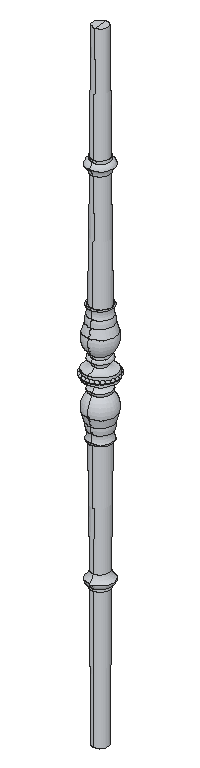
Revit family "334L", category Balusters, Revit 2023
Family settings
  OmniClass Number = 23.30.80.11.11.14
  OmniClass Title = Posts, Newel Posts, Pickets
  Always vertical = Yes
  Cut with Voids When Loaded = No
  Shared = No
Parameters
  URL = "https://www.juliusblum.com/"
  built-in parameter 1008623 [instance] = 32.47°
  built-in parameter 1008625 [instance] = (empty or 0)
  Post = no
  Model = "334L"
  Manufacturer = "Julius Blum & Co Inc."
  Description = "Julius Blum & Co Inc. supplies stock material only and does not offer custom design, fabricating or installation services."
  built-in parameter 1008624 [instance] = 32.47°
  built-in parameter 1008622 [instance] = 3' - 6"
Reference planes (in)
  plane 1 "Center (Front/Back)": y = 0
  plane 2: z = 0
  plane 3 "Center (Left/Right)": x = 0
  plane 4 "Top": z = 42
  plane 5 "Top Cut Angle": through (0, 13.58797, 33.35351) normal (0, -0.5369, -0.8437)
  plane 6 "Bottom Cut Angle": through (0, 0, 0) normal (0, -0.5369, -0.8437)
  plane 7 "Void 1": z = 21.67551
Forms (in)
  Revolve 1, solid
    sketch origin (0, 0, 0) x (0, 1, 0) y (0, 0, 1)
      loop
        line (0.4732, 42) -> (0, 42) -> (0, 0) -> (0.49333, 0) -> (0.543, 9.20299) -> (0.6, 9.20299) -> (0.6, 9.36349)
        arc (0.6, 9.36349) -> (0.77042, 9.48416) -> (0.85506, 9.67506) r 0.39334
        arc (0.85506, 9.67506) -> (0.65131, 9.90016) -> (0.55203, 10.18708) r 0.75947
        line (0.55203, 10.18708) -> (0.62246, 17.86396)
        arc (0.62246, 17.86396) -> (0.67718, 17.83269) -> (0.7385, 17.81811) r 0.22136
        arc (0.7385, 17.81811) -> (0.76718, 17.81628) -> (0.77347, 17.84432) r 0.02212
        arc (0.77347, 17.84432) -> (0.69372, 18.1194) -> (0.72976, 18.40352) r 0.70627
        arc (0.72976, 18.40352) -> (0.78427, 18.6345) -> (0.7925, 18.87167) r 1.20586
        arc (0.7925, 18.87167) -> (0.8955, 19.14481) -> (0.97454, 19.42582) r 3.38021
        arc (0.97454, 19.42582) -> (0.96113, 20.08025) -> (0.57579, 20.60937) r 1.09173
        arc (0.57579, 20.60937) -> (0.68236, 20.67385) -> (0.72102, 20.79225) r 0.1789
        arc (0.72102, 20.79225) -> (0.53524, 20.9151) -> (0.45875, 21.12428) r 0.35619
        arc (0.45875, 21.12428) -> (0.71508, 21.34881) -> (1.05133, 21.4041) r 0.62044
        line (1.05133, 21.4041) -> (1.05133, 21.93665)
        arc (1.05133, 21.93665) -> (0.71508, 21.99194) -> (0.45875, 22.21647) r 0.62044
        arc (0.45875, 22.21647) -> (0.53524, 22.42565) -> (0.72102, 22.5485) r 0.35619
        arc (0.72102, 22.5485) -> (0.68094, 22.66867) -> (0.57133, 22.73217) r 0.1789
        line (0.57133, 22.73217) -> (0.57133, 22.91695)
        arc (0.57133, 22.91695) -> (0.96024, 23.44674) -> (0.97454, 24.10379) r 1.09173
        arc (0.97454, 24.10379) -> (0.8955, 24.3848) -> (0.7925, 24.65794) r 3.38021
        arc (0.7925, 24.65794) -> (0.78427, 24.89511) -> (0.72976, 25.12608) r 1.20586
        arc (0.72976, 25.12608) -> (0.69372, 25.41021) -> (0.77347, 25.68529) r 0.70627
        arc (0.77347, 25.68529) -> (0.76718, 25.71333) -> (0.7385, 25.7115) r 0.02212
        arc (0.7385, 25.7115) -> (0.6769, 25.6968) -> (0.62197, 25.66526) r 0.22136
        line (0.62197, 25.66526) -> (0.55089, 33.46965) -> (0.59974, 33.46965)
        arc (0.59974, 33.46965) -> (0.68293, 33.70145) -> (0.85506, 33.87758) r 0.57808
        arc (0.85506, 33.87758) -> (0.77042, 34.06848) -> (0.6, 34.18915) r 0.39334
        line (0.6, 34.18915) -> (0.6, 34.34965) -> (0.54288, 34.34965) -> (0.4732, 42)
      axis (0, 42) -> (0, 0)
    angle from 0 to 360
  Revolve 2, solid
    sketch origin (0, -2.10267, 21.67551) x (0, 1, 0) y (-1, 0, 0)
      loop
        arc (3.25524, 0) -> (3.13455, 0.12069) -> (3.01386, 0) r 0.12069
        line (3.01386, 0) -> (3.25524, 0)
      axis (3.01386, 0) -> (3.25524, 0)
    angle from 0 to 360
  Revolve 3, solid
    sketch origin (0.54421, -2.03102, 21.67551) x (-0.258819, 0.965926, 0) y (-0.965926, -0.258819, 0)
      loop
        arc (3.25524, 0) -> (3.13455, 0.12069) -> (3.01386, 0) r 0.12069
        line (3.01386, 0) -> (3.25524, 0)
      axis (3.01386, 0) -> (3.25524, 0)
    angle from 0 to 360
  Revolve 4, solid
    sketch origin (1.05133, -1.82096, 21.67551) x (-0.5, 0.866025, 0) y (-0.866025, -0.5, 0)
      loop
        arc (3.25524, 0) -> (3.13455, 0.12069) -> (3.01386, 0) r 0.12069
        line (3.01386, 0) -> (3.25524, 0)
      axis (3.01386, 0) -> (3.25524, 0)
    angle from 0 to 360
  Revolve 5, solid
    sketch origin (1.48681, -1.48681, 21.67551) x (-0.707107, 0.707107, 0) y (-0.707107, -0.707107, 0)
      loop
        arc (3.25524, 0) -> (3.13455, 0.12069) -> (3.01386, 0) r 0.12069
        line (3.01386, 0) -> (3.25524, 0)
      axis (3.01386, 0) -> (3.25524, 0)
    angle from 0 to 360
  Revolve 6, solid
    sketch origin (1.82096, -1.05133, 21.67551) x (-0.866025, 0.5, 0) y (-0.5, -0.866025, 0)
      loop
        arc (3.25524, 0) -> (3.13455, 0.12069) -> (3.01386, 0) r 0.12069
        line (3.01386, 0) -> (3.25524, 0)
      axis (3.01386, 0) -> (3.25524, 0)
    angle from 0 to 360
  Revolve 7, solid
    sketch origin (2.03102, -0.54421, 21.67551) x (-0.965926, 0.258819, 0) y (-0.258819, -0.965926, 0)
      loop
        arc (3.25524, 0) -> (3.13455, 0.12069) -> (3.01386, 0) r 0.12069
        line (3.01386, 0) -> (3.25524, 0)
      axis (3.01386, 0) -> (3.25524, 0)
    angle from 0 to 360
  Revolve 8, solid
    sketch origin (2.10267, 0, 21.67551) x (-1, 0, 0) y (0, -1, 0)
      loop
        arc (3.25524, 0) -> (3.13455, 0.12069) -> (3.01386, 0) r 0.12069
        line (3.01386, 0) -> (3.25524, 0)
      axis (3.01386, 0) -> (3.25524, 0)
    angle from 0 to 360
  Revolve 9, solid
    sketch origin (2.03102, 0.54421, 21.67551) x (-0.965926, -0.258819, 0) y (0.258819, -0.965926, 0)
      loop
        arc (3.25524, 0) -> (3.13455, 0.12069) -> (3.01386, 0) r 0.12069
        line (3.01386, 0) -> (3.25524, 0)
      axis (3.01386, 0) -> (3.25524, 0)
    angle from 0 to 360
  Revolve 10, solid
    sketch origin (1.82096, 1.05133, 21.67551) x (-0.866025, -0.5, 0) y (0.5, -0.866025, 0)
      loop
        arc (3.25524, 0) -> (3.13455, 0.12069) -> (3.01386, 0) r 0.12069
        line (3.01386, 0) -> (3.25524, 0)
      axis (3.01386, 0) -> (3.25524, 0)
    angle from 0 to 360
  Revolve 11, solid
    sketch origin (1.48681, 1.48681, 21.67551) x (-0.707107, -0.707107, 0) y (0.707107, -0.707107, 0)
      loop
        arc (3.25524, 0) -> (3.13455, 0.12069) -> (3.01386, 0) r 0.12069
        line (3.01386, 0) -> (3.25524, 0)
      axis (3.01386, 0) -> (3.25524, 0)
    angle from 0 to 360
  Revolve 12, solid
    sketch origin (1.05133, 1.82096, 21.67551) x (-0.5, -0.866025, 0) y (0.866025, -0.5, 0)
      loop
        arc (3.25524, 0) -> (3.13455, 0.12069) -> (3.01386, 0) r 0.12069
        line (3.01386, 0) -> (3.25524, 0)
      axis (3.01386, 0) -> (3.25524, 0)
    angle from 0 to 360
  Revolve 13, solid
    sketch origin (0.54421, 2.03102, 21.67551) x (-0.258819, -0.965926, 0) y (0.965926, -0.258819, 0)
      loop
        arc (3.25524, 0) -> (3.13455, 0.12069) -> (3.01386, 0) r 0.12069
        line (3.01386, 0) -> (3.25524, 0)
      axis (3.01386, 0) -> (3.25524, 0)
    angle from 0 to 360
  Revolve 14, solid
    sketch origin (0, 2.10267, 21.67551) x (0, -1, 0) y (1, 0, 0)
      loop
        arc (3.25524, 0) -> (3.13455, 0.12069) -> (3.01386, 0) r 0.12069
        line (3.01386, 0) -> (3.25524, 0)
      axis (3.01386, 0) -> (3.25524, 0)
    angle from 0 to 360
  Revolve 15, solid
    sketch origin (-0.54421, 2.03102, 21.67551) x (0.258819, -0.965926, 0) y (0.965926, 0.258819, 0)
      loop
        arc (3.25524, 0) -> (3.13455, 0.12069) -> (3.01386, 0) r 0.12069
        line (3.01386, 0) -> (3.25524, 0)
      axis (3.01386, 0) -> (3.25524, 0)
    angle from 0 to 360
  Revolve 16, solid
    sketch origin (-1.05133, 1.82096, 21.67551) x (0.5, -0.866025, 0) y (0.866025, 0.5, 0)
      loop
        arc (3.25524, 0) -> (3.13455, 0.12069) -> (3.01386, 0) r 0.12069
        line (3.01386, 0) -> (3.25524, 0)
      axis (3.01386, 0) -> (3.25524, 0)
    angle from 0 to 360
  Revolve 17, solid
    sketch origin (-1.48681, 1.48681, 21.67551) x (0.707107, -0.707107, 0) y (0.707107, 0.707107, 0)
      loop
        arc (3.25524, 0) -> (3.13455, 0.12069) -> (3.01386, 0) r 0.12069
        line (3.01386, 0) -> (3.25524, 0)
      axis (3.01386, 0) -> (3.25524, 0)
    angle from 0 to 360
  Revolve 18, solid
    sketch origin (-1.82096, 1.05133, 21.67551) x (0.866025, -0.5, 0) y (0.5, 0.866025, 0)
      loop
        arc (3.25524, 0) -> (3.13455, 0.12069) -> (3.01386, 0) r 0.12069
        line (3.01386, 0) -> (3.25524, 0)
      axis (3.01386, 0) -> (3.25524, 0)
    angle from 0 to 360
  Revolve 19, solid
    sketch origin (-2.03102, 0.54421, 21.67551) x (0.965926, -0.258819, 0) y (0.258819, 0.965926, 0)
      loop
        arc (3.25524, 0) -> (3.13455, 0.12069) -> (3.01386, 0) r 0.12069
        line (3.01386, 0) -> (3.25524, 0)
      axis (3.01386, 0) -> (3.25524, 0)
    angle from 0 to 360
  Revolve 20, solid
    sketch origin (-2.10267, 0, 21.67551) x (1, 0, 0) y (0, 1, 0)
      loop
        arc (3.25524, 0) -> (3.13455, 0.12069) -> (3.01386, 0) r 0.12069
        line (3.01386, 0) -> (3.25524, 0)
      axis (3.01386, 0) -> (3.25524, 0)
    angle from 0 to 360
  Revolve 21, solid
    sketch origin (-2.03102, -0.54421, 21.67551) x (0.965926, 0.258819, 0) y (-0.258819, 0.965926, 0)
      loop
        arc (3.25524, 0) -> (3.13455, 0.12069) -> (3.01386, 0) r 0.12069
        line (3.01386, 0) -> (3.25524, 0)
      axis (3.01386, 0) -> (3.25524, 0)
    angle from 0 to 360
  Revolve 22, solid
    sketch origin (-1.82096, -1.05133, 21.67551) x (0.866025, 0.5, 0) y (-0.5, 0.866025, 0)
      loop
        arc (3.25524, 0) -> (3.13455, 0.12069) -> (3.01386, 0) r 0.12069
        line (3.01386, 0) -> (3.25524, 0)
      axis (3.01386, 0) -> (3.25524, 0)
    angle from 0 to 360
  Revolve 23, solid
    sketch origin (-1.48681, -1.48681, 21.67551) x (0.707107, 0.707107, 0) y (-0.707107, 0.707107, 0)
      loop
        arc (3.25524, 0) -> (3.13455, 0.12069) -> (3.01386, 0) r 0.12069
        line (3.01386, 0) -> (3.25524, 0)
      axis (3.01386, 0) -> (3.25524, 0)
    angle from 0 to 360
  Revolve 24, solid
    sketch origin (-1.05133, -1.82096, 21.67551) x (0.5, 0.866025, 0) y (-0.866025, 0.5, 0)
      loop
        arc (3.25524, 0) -> (3.13455, 0.12069) -> (3.01386, 0) r 0.12069
        line (3.01386, 0) -> (3.25524, 0)
      axis (3.01386, 0) -> (3.25524, 0)
    angle from 0 to 360
  Revolve 25, solid
    sketch origin (-0.54421, -2.03102, 21.67551) x (0.258819, 0.965926, 0) y (-0.965926, 0.258819, 0)
      loop
        arc (3.25524, 0) -> (3.13455, 0.12069) -> (3.01386, 0) r 0.12069
        line (3.01386, 0) -> (3.25524, 0)
      axis (3.01386, 0) -> (3.25524, 0)
    angle from 0 to 360
Cuts and joins
  joined: Revolve 1, Revolve 2, Revolve 3, Revolve 4, Revolve 5, Revolve 6, Revolve 7, Revolve 8, Revolve 9, Revolve 10, Revolve 11, Revolve 12, Revolve 13, Revolve 14, Revolve 15, Revolve 16, Revolve 17, Revolve 18, Revolve 19, Revolve 20, Revolve 21, Revolve 22, Revolve 23, Revolve 24, Revolve 25
Lines and regions (in)
  symbolic lines
    curve 1: arc (0, 0, 25.69709) -> (0, 0.28283, 25.49859) -> (0, 0.49704, 25.22746) r 1.19513
    curve 2: arc (0, 0.44751, 25.30604) -> (0, 0.3042, 25.12507) -> (0, 0.21856, 24.91071) r 0.79968
    curve 3: arc (0, 0.42607, 25.28504) -> (0, 0.62685, 24.11167) -> (0, 0.50705, 22.92729) r 4.41779
    curve 4: arc (0, 0.08338, 24.09009) -> (0, 0.27329, 24.42285) -> (0, 0.58138, 24.65061) r 0.92857
    curve 5: arc (0, 0.58138, 24.65061) -> (0, 0.86395, 24.27921) -> (0, 1.01712, 23.8384) r 1.48313
    curve 6: arc (0, 0.6112, 24.27236) -> (0, 0.86885, 23.95084) -> (0, 0.99123, 23.55742) r 1.10812
    curve 7: arc (0, 0.64829, 23.75259) -> (0, 0.84656, 23.55921) -> (0, 0.89018, 23.2857) r 0.44043
    curve 8: arc (0, 0.12956, 23.10015) -> (0, 0.30027, 23.49686) -> (0, 0.64829, 23.75259) r 0.82339
    curve 9: arc (0, 0.06327, 23.35013) -> (0, 0.23307, 23.87314) -> (0, 0.6112, 24.27236) r 1.24777
    curve 10: arc (0, 0.08223, 24.07737) -> (0, 0.27046, 24.4174) -> (0, 0.58138, 24.65061) r 0.92857
    curve 11: line (0, 0.55076, 25.50487) -> (0, 0.49704, 25.22746)
    curve 12: arc (0, 0.75184, 25.71457) -> (0, 0.61209, 25.64732) -> (0, 0.55076, 25.50487) r 0.22136
    curve 13: arc (0, 0.21856, 24.91071) -> (0, 0.08773, 24.13571) -> (0, 0.06327, 23.35013) r 5.77945
    curve 14: arc (0, 0.0612, 23.41659) -> (0, 0.10704, 23.15931) -> (0, 0.2273, 22.92729) r 0.86907
    curve 15: line (0, 0, 25.2359) -> (0, 0.11187, 24.34096)
    curve 16: arc (0, 0.49699, 25.22721) -> (0, 0.65684, 24.96626) -> (0, 0.79244, 24.69193) r 3.38021
    curve 17: arc (0, 0, 25.69709) -> (0, -0.28283, 25.49859) -> (0, -0.49704, 25.22746) r 1.19513
    curve 18: arc (0, -0.44751, 25.30604) -> (0, -0.3042, 25.12507) -> (0, -0.21856, 24.91071) r 0.79968
    curve 19: arc (0, -0.42607, 25.28504) -> (0, -0.62685, 24.11167) -> (0, -0.50705, 22.92729) r 4.41779
    curve 20: arc (0, -0.08338, 24.09009) -> (0, -0.27329, 24.42285) -> (0, -0.58138, 24.65061) r 0.92857
    curve 21: arc (0, -0.58138, 24.65061) -> (0, -0.86395, 24.27921) -> (0, -1.01712, 23.8384) r 1.48313
    curve 22: arc (0, -0.6112, 24.27236) -> (0, -0.86885, 23.95084) -> (0, -0.99123, 23.55742) r 1.10812
    curve 23: arc (0, -0.64829, 23.75259) -> (0, -0.84656, 23.55921) -> (0, -0.89018, 23.2857) r 0.44043
    curve 24: arc (0, -0.12956, 23.10015) -> (0, -0.30027, 23.49686) -> (0, -0.64829, 23.75259) r 0.82339
    curve 25: arc (0, -0.06327, 23.35013) -> (0, -0.23307, 23.87314) -> (0, -0.6112, 24.27236) r 1.24777
    curve 26: arc (0, -0.08223, 24.07737) -> (0, -0.27046, 24.4174) -> (0, -0.58138, 24.65061) r 0.92857
    curve 27: line (0, -0.55076, 25.50487) -> (0, -0.49704, 25.22746)
    curve 28: arc (0, -0.75184, 25.71457) -> (0, -0.61209, 25.64732) -> (0, -0.55076, 25.50487) r 0.22136
    curve 29: arc (0, -0.21856, 24.91071) -> (0, -0.08773, 24.13571) -> (0, -0.06327, 23.35013) r 5.77945
    curve 30: arc (0, -0.0612, 23.41659) -> (0, -0.10704, 23.15931) -> (0, -0.2273, 22.92729) r 0.86907
    curve 31: line (0, 0, 25.2359) -> (0, -0.11187, 24.34096)
    curve 32: arc (0, -0.49699, 25.22721) -> (0, -0.65684, 24.96626) -> (0, -0.79244, 24.69193) r 3.38021
    curve 33: arc (0, 0, 17.83957) -> (0, 0.28283, 18.03807) -> (0, 0.49704, 18.3092) r 1.19513
    curve 34: arc (0, 0.44751, 18.23062) -> (0, 0.3042, 18.41159) -> (0, 0.21856, 18.62595) r 0.79968
    curve 35: arc (0, 0.42607, 18.25162) -> (0, 0.62685, 19.42499) -> (0, 0.50705, 20.60937) r 4.41779
    curve 36: arc (0, 0.08338, 19.44657) -> (0, 0.27329, 19.11381) -> (0, 0.58138, 18.88606) r 0.92857
    curve 37: arc (0, 0.58138, 18.88606) -> (0, 0.86395, 19.25745) -> (0, 1.01712, 19.69826) r 1.48313
    curve 38: arc (0, 0.6112, 19.2643) -> (0, 0.86885, 19.58582) -> (0, 0.99123, 19.97924) r 1.10812
    curve 39: arc (0, 0.64829, 19.78407) -> (0, 0.84656, 19.97745) -> (0, 0.89018, 20.25096) r 0.44043
    curve 40: arc (0, 0.12956, 20.43651) -> (0, 0.30027, 20.0398) -> (0, 0.64829, 19.78407) r 0.82339
    curve 41: arc (0, 0.06327, 20.18653) -> (0, 0.23307, 19.66353) -> (0, 0.6112, 19.2643) r 1.24777
    curve 42: arc (0, 0.08223, 19.45929) -> (0, 0.27046, 19.11926) -> (0, 0.58138, 18.88606) r 0.92857
    curve 43: line (0, 0.55076, 18.03179) -> (0, 0.49704, 18.3092)
    curve 44: arc (0, 0.75184, 17.82209) -> (0, 0.61209, 17.88934) -> (0, 0.55076, 18.03179) r 0.22136
    curve 45: arc (0, 0.21856, 18.62595) -> (0, 0.08773, 19.40095) -> (0, 0.06327, 20.18653) r 5.77945
    curve 46: arc (0, 0.0612, 20.12007) -> (0, 0.10704, 20.37735) -> (0, 0.2273, 20.60937) r 0.86907
    curve 47: line (0, 0, 18.30076) -> (0, 0.11187, 19.19571)
    curve 48: arc (0, 0.49699, 18.30945) -> (0, 0.65684, 18.5704) -> (0, 0.79244, 18.84474) r 3.38021
    curve 49: arc (0, 0, 17.83957) -> (0, -0.28283, 18.03807) -> (0, -0.49704, 18.3092) r 1.19513
    curve 50: arc (0, -0.44751, 18.23062) -> (0, -0.3042, 18.41159) -> (0, -0.21856, 18.62595) r 0.79968
    curve 51: arc (0, -0.42607, 18.25162) -> (0, -0.62685, 19.42499) -> (0, -0.50705, 20.60937) r 4.41779
    curve 52: arc (0, -0.08338, 19.44657) -> (0, -0.27329, 19.11381) -> (0, -0.58138, 18.88606) r 0.92857
    curve 53: arc (0, -0.58138, 18.88606) -> (0, -0.86395, 19.25745) -> (0, -1.01712, 19.69826) r 1.48313
    curve 54: arc (0, -0.6112, 19.2643) -> (0, -0.86885, 19.58582) -> (0, -0.99123, 19.97924) r 1.10812
    curve 55: arc (0, -0.64829, 19.78407) -> (0, -0.84656, 19.97745) -> (0, -0.89018, 20.25096) r 0.44043
    curve 56: arc (0, -0.12956, 20.43651) -> (0, -0.30027, 20.0398) -> (0, -0.64829, 19.78407) r 0.82339
    curve 57: arc (0, -0.06327, 20.18653) -> (0, -0.23307, 19.66353) -> (0, -0.6112, 19.2643) r 1.24777
    curve 58: arc (0, -0.08223, 19.45929) -> (0, -0.27046, 19.11926) -> (0, -0.58138, 18.88606) r 0.92857
    curve 59: line (0, -0.55076, 18.03179) -> (0, -0.49704, 18.3092)
    curve 60: arc (0, -0.78262, 17.82145) -> (0, -0.62313, 17.8786) -> (0, -0.55076, 18.03179) r 0.22136
    curve 61: arc (0, -0.21856, 18.62595) -> (0, -0.08773, 19.40095) -> (0, -0.06327, 20.18653) r 5.77945
    curve 62: arc (0, -0.0612, 20.12007) -> (0, -0.10704, 20.37735) -> (0, -0.2273, 20.60937) r 0.86907
    curve 63: line (0, 0, 18.30076) -> (0, -0.11187, 19.19571)
    curve 64: arc (0, -0.49699, 18.30945) -> (0, -0.65684, 18.5704) -> (0, -0.79244, 18.84474) r 3.38021
    curve 65: arc (-0.75184, 0, 25.71457) -> (-0.61209, 0, 25.64732) -> (-0.55076, 0, 25.50487) r 0.22136
    curve 66: line (-0.55076, 0, 25.50487) -> (-0.49704, 0, 25.22746)
    curve 67: arc (0, 0, 25.69709) -> (-0.28283, 0, 25.49859) -> (-0.49704, 0, 25.22746) r 1.19513
    curve 68: arc (-0.49831, 0, 25.22527) -> (-0.65808, 0, 24.96402) -> (-0.79355, 0, 24.68938) r 3.38021
    curve 69: arc (-0.42635, 0, 25.28414) -> (-0.62687, 0, 24.1112) -> (-0.50705, 0, 22.92729) r 4.41779
    curve 70: arc (-0.64829, 0, 23.75259) -> (-0.84657, 0, 23.55918) -> (-0.89017, 0, 23.28563) r 0.44043
    curve 71: arc (-0.12956, 0, 23.10015) -> (-0.30027, 0, 23.49686) -> (-0.64829, 0, 23.75259) r 0.82339
    curve 72: arc (-0.0612, 0, 23.41659) -> (-0.10704, 0, 23.15931) -> (-0.2273, 0, 22.92729) r 0.86907
    curve 73: arc (-0.06436, 0, 23.36141) -> (-0.23597, 0, 23.878) -> (-0.6112, 0, 24.27236) r 1.24777
    curve 74: arc (-0.21856, 0, 24.91071) -> (-0.09112, 0, 24.16879) -> (-0.0612, 0, 23.41659) r 5.77945
    curve 75: arc (-0.083, 0, 24.08599) -> (-0.27318, 0, 24.422) -> (-0.58358, 0, 24.65162) r 0.92857
    curve 76: arc (-0.58358, 0, 24.65162) -> (-0.86151, 0, 24.28862) -> (-1.01578, 0, 23.85825) r 1.48425
    curve 77: arc (-0.6112, 0, 24.27236) -> (-0.86868, 0, 23.95117) -> (-0.99115, 0, 23.55814) r 1.10812
    curve 78: arc (-0.44751, 0, 25.30604) -> (-0.3042, 0, 25.12507) -> (-0.21856, 0, 24.91071) r 0.79968
    curve 79: line (0, 0, 25.2359) -> (-0.11187, 0, 24.34096)
    curve 80: arc (0.75184, 0, 25.71457) -> (0.61209, 0, 25.64732) -> (0.55076, 0, 25.50487) r 0.22136
    curve 81: line (0.55076, 0, 25.50487) -> (0.49704, 0, 25.22746)
    curve 82: arc (0, 0, 25.69709) -> (0.28283, 0, 25.49859) -> (0.49704, 0, 25.22746) r 1.19513
    curve 83: arc (0.49831, 0, 25.22527) -> (0.65808, 0, 24.96402) -> (0.79355, 0, 24.68938) r 3.38021
    curve 84: arc (0.42635, 0, 25.28414) -> (0.62687, 0, 24.1112) -> (0.50705, 0, 22.92729) r 4.41779
    curve 85: arc (0.64829, 0, 23.75259) -> (0.84657, 0, 23.55918) -> (0.89017, 0, 23.28563) r 0.44043
    curve 86: arc (0.12956, 0, 23.10015) -> (0.30027, 0, 23.49686) -> (0.64829, 0, 23.75259) r 0.82339
    curve 87: arc (0.0612, 0, 23.41659) -> (0.10704, 0, 23.15931) -> (0.2273, 0, 22.92729) r 0.86907
    curve 88: arc (0.06436, 0, 23.36141) -> (0.23597, 0, 23.878) -> (0.6112, 0, 24.27236) r 1.24777
    curve 89: arc (0.21856, 0, 24.91071) -> (0.09112, 0, 24.16879) -> (0.0612, 0, 23.41659) r 5.77945
    curve 90: arc (0.083, 0, 24.08599) -> (0.27318, 0, 24.422) -> (0.58358, 0, 24.65162) r 0.92857
    curve 91: arc (0.58358, 0, 24.65162) -> (0.86151, 0, 24.28862) -> (1.01578, 0, 23.85825) r 1.48425
    curve 92: arc (0.6112, 0, 24.27236) -> (0.86868, 0, 23.95117) -> (0.99115, 0, 23.55814) r 1.10812
    curve 93: arc (0.44751, 0, 25.30604) -> (0.3042, 0, 25.12507) -> (0.21856, 0, 24.91071) r 0.79968
    curve 94: line (0, 0, 25.2359) -> (0.11187, 0, 24.34096)
    curve 95: arc (-0.75184, 0, 17.82209) -> (-0.61209, 0, 17.88934) -> (-0.55076, 0, 18.03179) r 0.22136
    curve 96: line (-0.55076, 0, 18.03179) -> (-0.49704, 0, 18.3092)
    curve 97: arc (0, 0, 17.83957) -> (-0.28283, 0, 18.03807) -> (-0.49704, 0, 18.3092) r 1.19513
    curve 98: arc (-0.49831, 0, 18.3114) -> (-0.65808, 0, 18.57264) -> (-0.79355, 0, 18.84728) r 3.38021
    curve 99: arc (-0.42635, 0, 18.25253) -> (-0.62687, 0, 19.42547) -> (-0.50705, 0, 20.60937) r 4.41779
    curve 100: arc (-0.64829, 0, 19.78407) -> (-0.84657, 0, 19.97749) -> (-0.89017, 0, 20.25103) r 0.44043
    curve 101: arc (-0.12956, 0, 20.43651) -> (-0.30027, 0, 20.0398) -> (-0.64829, 0, 19.78407) r 0.82339
    curve 102: arc (-0.0612, 0, 20.12007) -> (-0.10704, 0, 20.37735) -> (-0.2273, 0, 20.60937) r 0.86907
    curve 103: arc (-0.06436, 0, 20.17526) -> (-0.23597, 0, 19.65866) -> (-0.6112, 0, 19.2643) r 1.24777
    curve 104: arc (-0.21856, 0, 18.62595) -> (-0.09112, 0, 19.36787) -> (-0.0612, 0, 20.12007) r 5.77945
    curve 105: arc (-0.083, 0, 19.45067) -> (-0.27318, 0, 19.11466) -> (-0.58358, 0, 18.88504) r 0.92857
    curve 106: arc (-0.58358, 0, 18.88504) -> (-0.86151, 0, 19.24804) -> (-1.01578, 0, 19.67841) r 1.48425
    curve 107: arc (-0.6112, 0, 19.2643) -> (-0.86868, 0, 19.5855) -> (-0.99115, 0, 19.97852) r 1.10812
    curve 108: arc (-0.44751, 0, 18.23062) -> (-0.3042, 0, 18.41159) -> (-0.21856, 0, 18.62595) r 0.79968
    curve 109: line (0, 0, 18.30076) -> (-0.11187, 0, 19.19571)
    curve 110: arc (0.75184, 0, 17.82209) -> (0.61209, 0, 17.88934) -> (0.55076, 0, 18.03179) r 0.22136
    curve 111: line (0.55076, 0, 18.03179) -> (0.49704, 0, 18.3092)
    curve 112: arc (0, 0, 17.83957) -> (0.28283, 0, 18.03807) -> (0.49704, 0, 18.3092) r 1.19513
    curve 113: arc (0.49831, 0, 18.3114) -> (0.65808, 0, 18.57264) -> (0.79355, 0, 18.84728) r 3.38021
    curve 114: arc (0.42635, 0, 18.25253) -> (0.62687, 0, 19.42547) -> (0.50705, 0, 20.60937) r 4.41779
    curve 115: arc (0.64829, 0, 19.78407) -> (0.84657, 0, 19.97749) -> (0.89017, 0, 20.25103) r 0.44043
    curve 116: arc (0.12956, 0, 20.43651) -> (0.30027, 0, 20.0398) -> (0.64829, 0, 19.78407) r 0.82339
    curve 117: arc (0.0612, 0, 20.12007) -> (0.10704, 0, 20.37735) -> (0.2273, 0, 20.60937) r 0.86907
    curve 118: arc (0.06436, 0, 20.17526) -> (0.23597, 0, 19.65866) -> (0.6112, 0, 19.2643) r 1.24777
    curve 119: arc (0.21856, 0, 18.62595) -> (0.09112, 0, 19.36787) -> (0.0612, 0, 20.12007) r 5.77945
    curve 120: arc (0.083, 0, 19.45067) -> (0.27318, 0, 19.11466) -> (0.58358, 0, 18.88504) r 0.92857
    curve 121: arc (0.58358, 0, 18.88504) -> (0.86151, 0, 19.24804) -> (1.01578, 0, 19.67841) r 1.48425
    curve 122: arc (0.6112, 0, 19.2643) -> (0.86868, 0, 19.5855) -> (0.99115, 0, 19.97852) r 1.10812
    curve 123: arc (0.44751, 0, 18.23062) -> (0.3042, 0, 18.41159) -> (0.21856, 0, 18.62595) r 0.79968
    curve 124: line (0, 0, 18.30076) -> (0.11187, 0, 19.19571)
Text (in)
  text "Baluster Elevation" at (0, 56.5946, 48.5925), in view "Left"
Dimensions and locks (in)
  "built-in parameter 1008622": plane 2 to plane 4 "Top"
  "built-in parameter 1008623": angle plane 4 "Top" to plane 5 "Top Cut Angle"
  "built-in parameter 1008624": angle level to plane 6 "Bottom Cut Angle"
  aligned and locked: plane 2 to level
Automatic sketch dimensions
  Revolve 1 sketch curve to level = 0' - 0"
  Revolve 1 sketch curve to plane 1 "Center (Front/Back)" = 0' - 0"  (x2)
  plane 4 "Top" to Revolve 1 sketch curve = 0' - 0"
  plane 1 "Center (Front/Back)" to Revolve 1 sketch curve = 0' - 0.07346"  (x2)
  plane 1 "Center (Front/Back)" to Revolve 1 sketch curve = 0' - 0.4109"  (x2)
  Revolve 1 sketch curve to Revolve 1 sketch curve = 0' - 2.24241"  (x2)
  Revolve 1 sketch curve to plane 1 "Center (Front/Back)" = 0' - 0.46605"  (x2)
  Revolve 1 sketch curve to plane 1 "Center (Front/Back)" = 0' - 0.4732"
  Revolve 1 sketch curve to plane 1 "Center (Front/Back)" = 0' - 0.49333"
  Revolve 1 sketch curve to plane 1 "Center (Front/Back)" = 0' - 0.54226"  (x2)
  Revolve 1 sketch curve to Revolve 1 sketch curve = 0' - 0.07683"
  Revolve 1 sketch curve to Revolve 1 sketch curve = 0' - 0.07695"
  Revolve 1 sketch curve to Revolve 1 sketch curve = 0' - 0.08484"
  Revolve 1 sketch curve to Revolve 1 sketch curve = 0' - 0.08597"
  Revolve 1 sketch curve to Revolve 1 sketch curve = 0' - 0.02907"
  Revolve 1 sketch curve to Revolve 1 sketch curve = 0' - 0.04885"
  Revolve 1 sketch curve to Revolve 1 sketch curve = 0' - 0.05712"
  Revolve 1 sketch curve to Revolve 1 sketch curve = 0' - 0.057"
  Revolve 1 sketch curve to plane 1 "Center (Front/Back)" = 0' - 0.62197"
  Revolve 1 sketch curve to plane 1 "Center (Front/Back)" = 0' - 0.62246"
  Revolve 1 sketch curve to Revolve 1 sketch curve = 0' - 0.13146"
  Revolve 1 sketch curve to Revolve 1 sketch curve = 0' - 0.13194"
  Revolve 1 sketch curve to Revolve 1 sketch curve = 0' - 0.00462"  (x2)
  Revolve 1 sketch curve to Revolve 1 sketch curve = 0' - 0.27249"  (x2)
  Revolve 1 sketch curve to Revolve 1 sketch curve = 0' - 0.16526"  (x2)
  Revolve 1 sketch curve to plane 7 "Void 1" = 0' - 0.2714"
  Revolve 1 sketch curve to Revolve 1 sketch curve = 0' - 0.23658"
  Revolve 1 sketch curve to Revolve 1 sketch curve = 0' - 0.57321"
  Revolve 1 sketch curve to Revolve 1 sketch curve = 0' - 0.75288"
  Revolve 1 sketch curve to Revolve 1 sketch curve = 0' - 0.63931"  (x2)
  level to Revolve 1 sketch curve = 0' - 9.20299"
  Revolve 1 sketch curve to Revolve 1 sketch curve = 0' - 0.1605"  (x2)
  Revolve 1 sketch curve to Revolve 1 sketch curve = 0' - 0.36983"  (x2)
  Revolve 1 sketch curve to Revolve 1 sketch curve = 0' - 0.45375"
  Revolve 1 sketch curve to Revolve 1 sketch curve = 0' - 0.09989"
  Revolve 1 sketch curve to Revolve 1 sketch curve = 0' - 3.57012"
  Revolve 1 sketch curve to Revolve 1 sketch curve = 0' - 0.02998"
  Revolve 1 sketch curve to Revolve 1 sketch curve = 0' - 0.20458"
  Revolve 1 sketch curve to Revolve 1 sketch curve = 0' - 0.13587"  (x2)
  Revolve 1 sketch curve to Revolve 1 sketch curve = 0' - 0.9307"
  Revolve 1 sketch curve to Revolve 1 sketch curve = 0' - 0.93702"  (x2)
  Revolve 1 sketch curve to plane 7 "Void 1" = 0' - 1.47571"
  Revolve 1 sketch curve to Revolve 1 sketch curve = 0' - 0.619"
  Revolve 1 sketch curve to Revolve 1 sketch curve = 0' - 0.00267"  (x2)
  Revolve 1 sketch curve to Revolve 1 sketch curve = 0' - 0.26821"  (x2)
  plane 7 "Void 1" to Revolve 1 sketch curve = 0' - 0.26114"
  Revolve 1 sketch curve to Revolve 1 sketch curve = 0' - 0.34812"
  Revolve 1 sketch curve to Revolve 1 sketch curve = 0' - 0.17652"
  Revolve 1 sketch curve to Revolve 1 sketch curve = 0' - 0.18478"
  plane 7 "Void 1" to Revolve 1 sketch curve = 0' - 1.6543"
  Revolve 1 sketch curve to Revolve 1 sketch curve = 0' - 0.88097"
  Revolve 1 sketch curve to Revolve 1 sketch curve = 0' - 0.62023"
  Revolve 1 sketch curve to Revolve 1 sketch curve = 0' - 0.17422"
  Revolve 1 sketch curve to Revolve 1 sketch curve = 0' - 0.03036"
  Revolve 1 sketch curve to Revolve 1 sketch curve = 0' - 7.69913"
  Revolve 1 sketch curve to Revolve 1 sketch curve = 0' - 0.07489"
  Revolve 1 sketch curve to Revolve 1 sketch curve = 0' - 0.34966"
  Revolve 1 sketch curve to Revolve 1 sketch curve = 0' - 0.08351"  (x2)
  Revolve 1 sketch curve to Revolve 1 sketch curve = 0' - 0.03353"
  Revolve 1 sketch curve to Revolve 1 sketch curve = 0' - 0.17876"
  Revolve 1 sketch curve to Revolve 1 sketch curve = 0' - 0.02877"  (x2)
  Revolve 1 sketch curve to Revolve 1 sketch curve = 0' - 0"  (x2)
  Revolve 1 sketch curve to Revolve 1 sketch curve = 0' - 0.01541"  (x2)
  Revolve 1 sketch curve to Revolve 1 sketch curve = 0' - 0.06274"  (x2)
  Revolve 1 sketch curve to level = 0' - 0.66722"
  Revolve 1 sketch curve to plane 4 "Top" = 0' - 1"
  Revolve 2 sketch curve to plane 3 "Center (Left/Right)" = 0' - 0"  (x2)
  Revolve 2 sketch curve to plane 1 "Center (Front/Back)" = 0' - 0.91119"
  Revolve 2 sketch curve to Revolve 2 sketch curve = 0' - 0.12069"
  Revolve 2 sketch curve to Revolve 2 sketch curve = 0' - 0 1/32"
  Revolve 2 sketch curve to Revolve 2 sketch curve = 0' - 0.03946"
  Revolve 3 sketch curve to plane 3 "Center (Left/Right)" = 0' - 0.23583"
  Revolve 3 sketch curve to plane 1 "Center (Front/Back)" = 0' - 0.88014"
  Revolve 3 sketch curve to Revolve 3 sketch curve = 0' - 0.12069"
  Revolve 3 sketch curve to Revolve 3 sketch curve = 0' - 0 1/32"
  Revolve 3 sketch curve to Revolve 3 sketch curve = 0' - 0.03946"
  Revolve 3 sketch curve to Revolve 3 sketch curve = 0' - 0"
  Revolve 4 sketch curve to plane 3 "Center (Left/Right)" = 0' - 0.4556"
  Revolve 4 sketch curve to plane 1 "Center (Front/Back)" = 0' - 0.78911"
  Revolve 4 sketch curve to Revolve 4 sketch curve = 0' - 0.12069"
  Revolve 4 sketch curve to Revolve 4 sketch curve = 0' - 0 1/32"
  Revolve 4 sketch curve to Revolve 4 sketch curve = 0' - 0.03946"
  Revolve 4 sketch curve to Revolve 4 sketch curve = 0' - 0"
  Revolve 5 sketch curve to plane 1 "Center (Front/Back)" = 0' - 0.64431"
  Revolve 5 sketch curve to plane 3 "Center (Left/Right)" = 0' - 0.64431"
  Revolve 5 sketch curve to Revolve 5 sketch curve = 0' - 0.12069"
  Revolve 5 sketch curve to Revolve 5 sketch curve = 0' - 0 1/32"
  Revolve 5 sketch curve to Revolve 5 sketch curve = 0' - 0.03946"
  Revolve 5 sketch curve to Revolve 5 sketch curve = 0' - 0"
  Revolve 6 sketch curve to plane 1 "Center (Front/Back)" = 0' - 0.4556"
  Revolve 6 sketch curve to plane 3 "Center (Left/Right)" = 0' - 0.78911"
  Revolve 6 sketch curve to Revolve 6 sketch curve = 0' - 0.12069"
  Revolve 6 sketch curve to Revolve 6 sketch curve = 0' - 0 1/32"
  Revolve 6 sketch curve to Revolve 6 sketch curve = 0' - 0.03946"
  Revolve 6 sketch curve to Revolve 6 sketch curve = 0' - 0"
  Revolve 7 sketch curve to plane 1 "Center (Front/Back)" = 0' - 0.23583"
  Revolve 7 sketch curve to plane 3 "Center (Left/Right)" = 0' - 0.88014"
  Revolve 7 sketch curve to Revolve 7 sketch curve = 0' - 0.12069"
  Revolve 7 sketch curve to Revolve 7 sketch curve = 0' - 0 1/32"
  Revolve 7 sketch curve to Revolve 7 sketch curve = 0' - 0.03946"
  Revolve 7 sketch curve to Revolve 7 sketch curve = 0' - 0"
  plane 1 "Center (Front/Back)" to Revolve 8 sketch curve = 0' - 0"  (x2)
  Revolve 8 sketch curve to plane 3 "Center (Left/Right)" = 0' - 0.91119"
  Revolve 8 sketch curve to Revolve 8 sketch curve = 0' - 0.12069"
  Revolve 8 sketch curve to Revolve 8 sketch curve = 0' - 0 1/32"
  Revolve 8 sketch curve to Revolve 8 sketch curve = 0' - 0.03946"
  plane 1 "Center (Front/Back)" to Revolve 9 sketch curve = 0' - 0.23583"
  Revolve 9 sketch curve to plane 3 "Center (Left/Right)" = 0' - 0.88014"
  Revolve 9 sketch curve to Revolve 9 sketch curve = 0' - 0.12069"
  Revolve 9 sketch curve to Revolve 9 sketch curve = 0' - 0 1/32"
  Revolve 9 sketch curve to Revolve 9 sketch curve = 0' - 0.03946"
  Revolve 9 sketch curve to Revolve 9 sketch curve = 0' - 0"
  plane 1 "Center (Front/Back)" to Revolve 10 sketch curve = 0' - 0.4556"
  Revolve 10 sketch curve to plane 3 "Center (Left/Right)" = 0' - 0.78911"
  Revolve 10 sketch curve to Revolve 10 sketch curve = 0' - 0.12069"
  Revolve 10 sketch curve to Revolve 10 sketch curve = 0' - 0 1/32"
  Revolve 10 sketch curve to Revolve 10 sketch curve = 0' - 0.03946"
  Revolve 10 sketch curve to Revolve 10 sketch curve = 0' - 0"
  plane 1 "Center (Front/Back)" to Revolve 11 sketch curve = 0' - 0.64431"
  Revolve 11 sketch curve to plane 3 "Center (Left/Right)" = 0' - 0.64431"
  Revolve 11 sketch curve to Revolve 11 sketch curve = 0' - 0.12069"
  Revolve 11 sketch curve to Revolve 11 sketch curve = 0' - 0 1/32"
  Revolve 11 sketch curve to Revolve 11 sketch curve = 0' - 0.03946"
  Revolve 11 sketch curve to Revolve 11 sketch curve = 0' - 0"
  Revolve 12 sketch curve to plane 3 "Center (Left/Right)" = 0' - 0.4556"
  plane 1 "Center (Front/Back)" to Revolve 12 sketch curve = 0' - 0.78911"
  Revolve 12 sketch curve to Revolve 12 sketch curve = 0' - 0.12069"
  Revolve 12 sketch curve to Revolve 12 sketch curve = 0' - 0 1/32"
  Revolve 12 sketch curve to Revolve 12 sketch curve = 0' - 0.03946"
  Revolve 12 sketch curve to Revolve 12 sketch curve = 0' - 0"
  Revolve 13 sketch curve to plane 3 "Center (Left/Right)" = 0' - 0.23583"
  plane 1 "Center (Front/Back)" to Revolve 13 sketch curve = 0' - 0.88014"
  Revolve 13 sketch curve to Revolve 13 sketch curve = 0' - 0.12069"
  Revolve 13 sketch curve to Revolve 13 sketch curve = 0' - 0 1/32"
  Revolve 13 sketch curve to Revolve 13 sketch curve = 0' - 0.03946"
  Revolve 13 sketch curve to Revolve 13 sketch curve = 0' - 0"
  Revolve 14 sketch curve to plane 3 "Center (Left/Right)" = 0' - 0"  (x2)
  plane 1 "Center (Front/Back)" to Revolve 14 sketch curve = 0' - 0.91119"
  Revolve 14 sketch curve to Revolve 14 sketch curve = 0' - 0.12069"
  Revolve 14 sketch curve to Revolve 14 sketch curve = 0' - 0 1/32"
  Revolve 14 sketch curve to Revolve 14 sketch curve = 0' - 0.03946"
  plane 3 "Center (Left/Right)" to Revolve 15 sketch curve = 0' - 0.23583"
  plane 1 "Center (Front/Back)" to Revolve 15 sketch curve = 0' - 0.88014"
  Revolve 15 sketch curve to Revolve 15 sketch curve = 0' - 0.12069"
  Revolve 15 sketch curve to Revolve 15 sketch curve = 0' - 0 1/32"
  Revolve 15 sketch curve to Revolve 15 sketch curve = 0' - 0.03946"
  Revolve 15 sketch curve to Revolve 15 sketch curve = 0' - 0"
  plane 3 "Center (Left/Right)" to Revolve 16 sketch curve = 0' - 0.4556"
  plane 1 "Center (Front/Back)" to Revolve 16 sketch curve = 0' - 0.78911"
  Revolve 16 sketch curve to Revolve 16 sketch curve = 0' - 0.12069"
  Revolve 16 sketch curve to Revolve 16 sketch curve = 0' - 0 1/32"
  Revolve 16 sketch curve to Revolve 16 sketch curve = 0' - 0.03946"
  Revolve 16 sketch curve to Revolve 16 sketch curve = 0' - 0"
  plane 1 "Center (Front/Back)" to Revolve 17 sketch curve = 0' - 0.64431"
  plane 3 "Center (Left/Right)" to Revolve 17 sketch curve = 0' - 0.64431"
  Revolve 17 sketch curve to Revolve 17 sketch curve = 0' - 0.12069"
  Revolve 17 sketch curve to Revolve 17 sketch curve = 0' - 0 1/32"
  Revolve 17 sketch curve to Revolve 17 sketch curve = 0' - 0.03946"
  Revolve 17 sketch curve to Revolve 17 sketch curve = 0' - 0"
  plane 1 "Center (Front/Back)" to Revolve 18 sketch curve = 0' - 0.4556"
  plane 3 "Center (Left/Right)" to Revolve 18 sketch curve = 0' - 0.78911"
  Revolve 18 sketch curve to Revolve 18 sketch curve = 0' - 0.12069"
  Revolve 18 sketch curve to Revolve 18 sketch curve = 0' - 0 1/32"
  Revolve 18 sketch curve to Revolve 18 sketch curve = 0' - 0.03946"
  Revolve 18 sketch curve to Revolve 18 sketch curve = 0' - 0"
  plane 1 "Center (Front/Back)" to Revolve 19 sketch curve = 0' - 0.23583"
  plane 3 "Center (Left/Right)" to Revolve 19 sketch curve = 0' - 0.88014"
  Revolve 19 sketch curve to Revolve 19 sketch curve = 0' - 0.12069"
  Revolve 19 sketch curve to Revolve 19 sketch curve = 0' - 0 1/32"
  Revolve 19 sketch curve to Revolve 19 sketch curve = 0' - 0.03946"
  Revolve 19 sketch curve to Revolve 19 sketch curve = 0' - 0"
  plane 1 "Center (Front/Back)" to Revolve 20 sketch curve = 0' - 0"  (x2)
  plane 3 "Center (Left/Right)" to Revolve 20 sketch curve = 0' - 0.91119"
  Revolve 20 sketch curve to Revolve 20 sketch curve = 0' - 0.12069"
  Revolve 20 sketch curve to Revolve 20 sketch curve = 0' - 0 1/32"
  Revolve 20 sketch curve to Revolve 20 sketch curve = 0' - 0.03946"
  Revolve 21 sketch curve to plane 1 "Center (Front/Back)" = 0' - 0.23583"
  plane 3 "Center (Left/Right)" to Revolve 21 sketch curve = 0' - 0.88014"
  Revolve 21 sketch curve to Revolve 21 sketch curve = 0' - 0.12069"
  Revolve 21 sketch curve to Revolve 21 sketch curve = 0' - 0 1/32"
  Revolve 21 sketch curve to Revolve 21 sketch curve = 0' - 0.03946"
  Revolve 21 sketch curve to Revolve 21 sketch curve = 0' - 0"
  Revolve 22 sketch curve to plane 1 "Center (Front/Back)" = 0' - 0.4556"
  plane 3 "Center (Left/Right)" to Revolve 22 sketch curve = 0' - 0.78911"
  Revolve 22 sketch curve to Revolve 22 sketch curve = 0' - 0.12069"
  Revolve 22 sketch curve to Revolve 22 sketch curve = 0' - 0 1/32"
  Revolve 22 sketch curve to Revolve 22 sketch curve = 0' - 0.03946"
  Revolve 22 sketch curve to Revolve 22 sketch curve = 0' - 0"
  Revolve 23 sketch curve to plane 1 "Center (Front/Back)" = 0' - 0.64431"
  plane 3 "Center (Left/Right)" to Revolve 23 sketch curve = 0' - 0.64431"
  Revolve 23 sketch curve to Revolve 23 sketch curve = 0' - 0.12069"
  Revolve 23 sketch curve to Revolve 23 sketch curve = 0' - 0 1/32"
  Revolve 23 sketch curve to Revolve 23 sketch curve = 0' - 0.03946"
  Revolve 23 sketch curve to Revolve 23 sketch curve = 0' - 0"
  plane 3 "Center (Left/Right)" to Revolve 24 sketch curve = 0' - 0.4556"
  Revolve 24 sketch curve to plane 1 "Center (Front/Back)" = 0' - 0.78911"
  Revolve 24 sketch curve to Revolve 24 sketch curve = 0' - 0.12069"
  Revolve 24 sketch curve to Revolve 24 sketch curve = 0' - 0 1/32"
  Revolve 24 sketch curve to Revolve 24 sketch curve = 0' - 0.03946"
  Revolve 24 sketch curve to Revolve 24 sketch curve = 0' - 0"
  plane 3 "Center (Left/Right)" to Revolve 25 sketch curve = 0' - 0.23583"
  Revolve 25 sketch curve to plane 1 "Center (Front/Back)" = 0' - 0.88014"
  Revolve 25 sketch curve to Revolve 25 sketch curve = 0' - 0.12069"
  Revolve 25 sketch curve to Revolve 25 sketch curve = 0' - 0 1/32"
  Revolve 25 sketch curve to Revolve 25 sketch curve = 0' - 0.03946"
  Revolve 25 sketch curve to Revolve 25 sketch curve = 0' - 0"
  curve 47 to plane 1 "Center (Front/Back)" = 0' - 0"
  curve 31 to plane 1 "Center (Front/Back)" = 0' - 0"
  curve 49 to plane 1 "Center (Front/Back)" = 0' - 0"
  curve 1 to plane 1 "Center (Front/Back)" = 0' - 0"
  plane 1 "Center (Front/Back)" to curve 6 = 0' - 0.10963"
  plane 1 "Center (Front/Back)" to curve 38 = 0' - 0.10963"
  curve 37 to curve 38 = 0' - 0.33335"
  curve 5 to curve 6 = 0' - 0.33335"
  curve 23 to curve 5 = 0' - 0.01251"
  curve 55 to curve 37 = 0' - 0.01251"
  plane 1 "Center (Front/Back)" to curve 27 = 0' - 0.49704"
  plane 1 "Center (Front/Back)" to curve 59 = 0' - 0.49704"
  plane 1 "Center (Front/Back)" to curve 1 = 0' - 0.53796"
  plane 1 "Center (Front/Back)" to curve 33 = 0' - 0.53796"
  curve 27 to curve 17 = 0' - 0.05372"
  curve 59 to curve 49 = 0' - 0.05372"
  curve 28 to curve 28 = 0' - 0.2211"
  curve 60 to curve 60 = 0' - 0.2211"
  curve 30 to curve 23 = 0' - 0.4745"
  curve 62 to curve 55 = 0' - 0.4745"
  curve 24 to curve 30 = 0' - 0.01479"
  curve 56 to curve 62 = 0' - 0.01479"
  curve 20 to curve 30 = 0' - 0.03746"
  curve 52 to curve 62 = 0' - 0.03746"
  curve 58 to curve 52 = 0' - 0.00329"
  curve 26 to curve 20 = 0' - 0.00329"
  curve 18 to curve 1 = 0' - 0.45824"
  curve 50 to curve 33 = 0' - 0.45824"
  curve 25 to curve 30 = 0' - 0.3758"
  curve 57 to curve 62 = 0' - 0.3758"
  curve 48 to curve 57 = 0' - 0.99674"
  curve 16 to curve 25 = 0' - 0.99674"
  curve 35 to curve 48 = 0' - 1.4858"
  curve 3 to curve 16 = 0' - 1.4858"
  curve 29 to curve 3 = 0' - 2.05045"
  curve 61 to curve 35 = 0' - 2.05045"
  curve 54 to plane 1 "Center (Front/Back)" = 0' - 0.10963"
  curve 22 to plane 1 "Center (Front/Back)" = 0' - 0.10963"
  curve 54 to curve 53 = 0' - 0.33335"
  curve 22 to curve 21 = 0' - 0.33335"
  curve 53 to curve 39 = 0' - 0.01251"
  curve 21 to curve 7 = 0' - 0.01251"
  curve 11 to plane 1 "Center (Front/Back)" = 0' - 0.49704"
  curve 43 to plane 1 "Center (Front/Back)" = 0' - 0.49704"
  curve 49 to plane 1 "Center (Front/Back)" = 0' - 0.53796"
  curve 17 to plane 1 "Center (Front/Back)" = 0' - 0.53796"
  curve 43 to curve 43 = 0' - 0.05372"
  curve 11 to curve 11 = 0' - 0.05372"
  curve 43 to curve 44 = 0' - 0.2211"
  curve 11 to curve 12 = 0' - 0.2211"
  curve 39 to curve 46 = 0' - 0.4745"
  curve 7 to curve 14 = 0' - 0.4745"
  curve 46 to curve 40 = 0' - 0.01479"
  curve 14 to curve 8 = 0' - 0.01479"
  curve 14 to curve 4 = 0' - 0.03746"
  curve 46 to curve 36 = 0' - 0.03746"
  curve 36 to curve 42 = 0' - 0.00329"
  curve 4 to curve 10 = 0' - 0.00329"
  curve 17 to curve 2 = 0' - 0.45824"
  curve 49 to curve 34 = 0' - 0.45824"
  curve 46 to curve 41 = 0' - 0.3758"
  curve 14 to curve 9 = 0' - 0.3758"
  curve 9 to curve 32 = 0' - 0.99674"
  curve 41 to curve 64 = 0' - 0.99674"
  curve 32 to curve 19 = 0' - 1.4858"
  curve 64 to curve 51 = 0' - 1.4858"
  curve 51 to curve 45 = 0' - 2.05045"
  curve 19 to curve 13 = 0' - 2.05045"
  curve 43 to plane 7 "Void 1" = 0' - 3.64371"
  curve 59 to curve 43 = 0' - 0"
  curve 43 to curve 44 = 0' - 0.01076"
  curve 60 to curve 60 = 0' - 0.01076"  (x2)
  curve 59 to curve 47 = 0' - 0.26897"
  curve 43 to curve 43 = 0' - 0.2774"
  curve 59 to curve 59 = 0' - 0.2774"
  curve 43 to curve 34 = 0' - 0.50317"
  curve 49 to curve 50 = 0' - 0.50317"
  curve 34 to curve 49 = 0' - 0.09441"
  curve 35 to plane 7 "Void 1" = 0' - 2.09886"
  curve 51 to plane 7 "Void 1" = 0' - 2.09886"
  curve 34 to curve 42 = 0' - 0.91668"
  curve 50 to curve 58 = 0' - 0.91668"
  curve 58 to curve 52 = 0' - 0.00152"
  curve 42 to curve 36 = 0' - 0.00152"
  curve 36 to curve 53 = 0' - 0.22804"
  curve 52 to curve 37 = 0' - 0.22804"
  curve 45 to plane 7 "Void 1" = 0' - 1.70229"
  curve 61 to plane 7 "Void 1" = 0' - 1.70229"
  curve 52 to curve 62 = 0' - 0.36743"
  curve 36 to curve 46 = 0' - 0.36743"
  curve 53 to curve 54 = 0' - 0.14733"
  curve 38 to curve 54 = 0' - 0"
  curve 53 to curve 39 = 0' - 0.22146"
  curve 37 to curve 55 = 0' - 0.22146"
  curve 46 to curve 64 = 0' - 0.10579"
  curve 62 to curve 48 = 0' - 0.10579"
  curve 62 to curve 57 = 0' - 0.20288"
  curve 46 to curve 41 = 0' - 0.20288"
  curve 41 to curve 40 = 0' - 0.25136"
  curve 57 to curve 56 = 0' - 0.25136"
  plane 7 "Void 1" to curve 24 = 0' - 1.30893"
  plane 7 "Void 1" to curve 8 = 0' - 1.30893"
  curve 24 to curve 25 = 0' - 0.25136"
  curve 8 to curve 9 = 0' - 0.25136"
  curve 9 to curve 32 = 0' - 0.09709"
  curve 25 to curve 16 = 0' - 0.09709"
  curve 8 to curve 7 = 0' - 0.37217"
  curve 24 to curve 23 = 0' - 0.37217"
  curve 7 to curve 22 = 0' - 0.07413"
  curve 6 to curve 22 = 0' - 0"
  curve 25 to curve 30 = 0' - 0.20288"
  curve 9 to curve 14 = 0' - 0.20288"
  plane 7 "Void 1" to curve 29 = 0' - 1.88794"
  plane 7 "Void 1" to curve 13 = 0' - 1.88794"
  curve 7 to curve 21 = 0' - 0.22146"
  curve 23 to curve 5 = 0' - 0.22146"
  curve 30 to curve 20 = 0' - 0.36743"
  curve 14 to curve 4 = 0' - 0.36743"
  curve 20 to curve 26 = 0' - 0.00152"
  curve 4 to curve 10 = 0' - 0.00152"
  curve 32 to curve 19 = 0' - 0.62714"
  curve 16 to curve 3 = 0' - 0.62714"
  curve 4 to curve 17 = 0' - 0.82379"
  curve 20 to curve 1 = 0' - 0.82379"
  curve 1 to curve 18 = 0' - 0.09441"
  curve 17 to curve 2 = 0' - 0.09441"
  curve 1 to curve 27 = 0' - 0.59758"
  curve 31 to curve 1 = 0' - 0.46119"
  curve 11 to curve 12 = 0' - 0.26665"
  curve 17 to curve 28 = 0' - 0.26665"
  curve 28 to curve 27 = 0' - 0.01076"
  curve 12 to curve 11 = 0' - 0.01076"
  curve 6 to curve 30 = 0' - 0.04843"
  curve 38 to curve 62 = 0' - 0.04843"
  plane 1 "Center (Front/Back)" to curve 61 = 0' - 0.06327"
  plane 1 "Center (Front/Back)" to curve 25 = 0' - 0.06327"
  plane 1 "Center (Front/Back)" to curve 26 = 0' - 0.08223"
  plane 1 "Center (Front/Back)" to curve 58 = 0' - 0.08223"
  curve 20 to curve 26 = 0' - 0.00115"
  curve 52 to curve 58 = 0' - 0.00115"
  plane 1 "Center (Front/Back)" to curve 31 = 0' - 0.11187"
  plane 1 "Center (Front/Back)" to curve 63 = 0' - 0.11187"
  plane 1 "Center (Front/Back)" to curve 56 = 0' - 0.12956"
  plane 1 "Center (Front/Back)" to curve 24 = 0' - 0.12956"
  plane 1 "Center (Front/Back)" to curve 50 = 0' - 0.21856"
  curve 61 to curve 50 = 0' - 0"
  curve 29 to curve 15 = 0' - 0.21856"
  curve 18 to curve 29 = 0' - 0"
  curve 30 to curve 24 = 0' - 0.09774"
  curve 62 to curve 56 = 0' - 0.09774"
  curve 50 to curve 51 = 0' - 0.02144"
  curve 18 to curve 19 = 0' - 0.02144"
  curve 27 to curve 32 = 0' - 0.00005"
  curve 49 to curve 64 = 0' - 0.00005"
  curve 19 to curve 30 = 0' - 0.27975"
  curve 51 to curve 62 = 0' - 0.27975"
  curve 22 to curve 1 = 0' - 0.07324"
  curve 57 to curve 33 = 0' - 0.07324"
  curve 24 to curve 5 = 0' - 0.20531"
  curve 55 to curve 37 = 0' - 0.20531"
  curve 28 to curve 28 = 0' - 0.02003"
  curve 18 to curve 32 = 0' - 0.20376"
  curve 50 to curve 64 = 0' - 0.20376"
  curve 30 to curve 23 = 0' - 0.03981"
  curve 62 to curve 55 = 0' - 0.03981"
  curve 22 to curve 30 = 0' - 0.06125"
  curve 54 to curve 62 = 0' - 0.06125"
  curve 21 to curve 26 = 0' - 0.04638"
  curve 53 to curve 58 = 0' - 0.04638"
  curve 46 to curve 54 = 0' - 0.04843"
  curve 14 to curve 22 = 0' - 0.04843"
  curve 45 to plane 1 "Center (Front/Back)" = 0' - 0.06327"
  curve 9 to plane 1 "Center (Front/Back)" = 0' - 0.06327"
  curve 42 to plane 1 "Center (Front/Back)" = 0' - 0.08223"
  curve 10 to plane 1 "Center (Front/Back)" = 0' - 0.08223"
  curve 10 to curve 4 = 0' - 0.00115"
  curve 42 to curve 36 = 0' - 0.00115"
  curve 47 to plane 1 "Center (Front/Back)" = 0' - 0.11187"
  curve 15 to plane 1 "Center (Front/Back)" = 0' - 0.11187"
  curve 8 to plane 1 "Center (Front/Back)" = 0' - 0.12956"
  curve 40 to plane 1 "Center (Front/Back)" = 0' - 0.12956"
  curve 47 to curve 45 = 0' - 0.21856"
  curve 2 to plane 1 "Center (Front/Back)" = 0' - 0.21856"
  curve 34 to curve 45 = 0' - 0"
  curve 13 to curve 2 = 0' - 0"
  curve 40 to curve 46 = 0' - 0.09774"
  curve 8 to curve 14 = 0' - 0.09774"
  curve 35 to curve 34 = 0' - 0.02144"
  curve 3 to curve 2 = 0' - 0.02144"
  curve 16 to curve 1 = 0' - 0.00005"
  curve 48 to curve 33 = 0' - 0.00005"
  curve 46 to curve 35 = 0' - 0.27975"
  curve 14 to curve 3 = 0' - 0.27975"
  curve 17 to curve 9 = 0' - 0.07324"
  curve 49 to curve 38 = 0' - 0.07324"
  curve 21 to curve 7 = 0' - 0.20531"
  curve 53 to curve 40 = 0' - 0.20531"
  curve 44 to curve 44 = 0' - 0.02003"
  curve 12 to curve 12 = 0' - 0.02003"
  curve 48 to curve 34 = 0' - 0.20376"
  curve 16 to curve 2 = 0' - 0.20376"
  curve 7 to curve 14 = 0' - 0.03981"
  curve 39 to curve 46 = 0' - 0.03981"
  curve 14 to curve 6 = 0' - 0.06125"
  curve 46 to curve 38 = 0' - 0.06125"
  curve 42 to curve 37 = 0' - 0.04638"
  curve 10 to curve 5 = 0' - 0.04638"
  curve 33 to curve 48 = 0' - 0.00025"
  curve 49 to curve 64 = 0' - 0.00025"
  curve 32 to curve 18 = 0' - 0.03237"
  curve 16 to curve 2 = 0' - 0.03237"
  curve 109 to plane 3 "Center (Left/Right)" = 0' - 0"
  curve 112 to plane 3 "Center (Left/Right)" = 0' - 0"
  curve 82 to plane 3 "Center (Left/Right)" = 0' - 0"
  curve 94 to plane 3 "Center (Left/Right)" = 0' - 0"
  curve 122 to plane 3 "Center (Left/Right)" = 0' - 0.10963"
  curve 92 to plane 3 "Center (Left/Right)" = 0' - 0.10963"
  curve 91 to curve 92 = 0' - 0.33226"
  curve 121 to curve 122 = 0' - 0.33226"
  curve 70 to curve 91 = 0' - 0.01361"
  curve 100 to curve 121 = 0' - 0.01361"
  curve 96 to plane 3 "Center (Left/Right)" = 0' - 0.49704"
  curve 66 to plane 3 "Center (Left/Right)" = 0' - 0.49704"
  curve 112 to plane 3 "Center (Left/Right)" = 0' - 0.53796"
  curve 82 to plane 3 "Center (Left/Right)" = 0' - 0.53796"
  curve 96 to curve 96 = 0' - 0.05372"
  curve 66 to curve 66 = 0' - 0.05372"
  curve 95 to curve 95 = 0' - 0.2211"
  curve 65 to curve 65 = 0' - 0.2211"
  curve 102 to curve 100 = 0' - 0.4745"
  curve 72 to curve 70 = 0' - 0.4745"
  curve 71 to curve 72 = 0' - 0.01479"
  curve 101 to curve 102 = 0' - 0.01479"
  curve 75 to curve 72 = 0' - 0.03856"
  curve 105 to curve 102 = 0' - 0.03856"
  curve 108 to curve 112 = 0' - 0.45824"
  curve 78 to curve 82 = 0' - 0.45824"
  curve 73 to curve 72 = 0' - 0.3758"
  curve 103 to curve 102 = 0' - 0.3758"
  curve 113 to curve 103 = 0' - 0.99674"
  curve 83 to curve 73 = 0' - 0.99674"
  curve 114 to curve 113 = 0' - 1.4858"
  curve 84 to curve 83 = 0' - 1.4858"
  curve 104 to curve 114 = 0' - 2.05045"
  curve 74 to curve 84 = 0' - 2.05045"
  plane 3 "Center (Left/Right)" to curve 77 = 0' - 0.10963"
  plane 3 "Center (Left/Right)" to curve 107 = 0' - 0.10963"
  curve 107 to curve 106 = 0' - 0.33226"
  curve 77 to curve 76 = 0' - 0.33226"
  curve 76 to curve 85 = 0' - 0.01361"
  curve 106 to curve 115 = 0' - 0.01361"
  plane 3 "Center (Left/Right)" to curve 81 = 0' - 0.49704"
  plane 3 "Center (Left/Right)" to curve 111 = 0' - 0.49704"
  plane 3 "Center (Left/Right)" to curve 67 = 0' - 0.53796"
  plane 3 "Center (Left/Right)" to curve 97 = 0' - 0.53796"
  curve 111 to curve 111 = 0' - 0.05372"
  curve 81 to curve 81 = 0' - 0.05372"
  curve 111 to curve 110 = 0' - 0.2211"
  curve 80 to curve 80 = 0' - 0.2211"
  curve 115 to curve 117 = 0' - 0.4745"
  curve 85 to curve 87 = 0' - 0.4745"
  curve 87 to curve 86 = 0' - 0.01479"
  curve 117 to curve 116 = 0' - 0.01479"
  curve 117 to curve 120 = 0' - 0.03856"
  curve 87 to curve 90 = 0' - 0.03856"
  curve 67 to curve 93 = 0' - 0.45824"
  curve 97 to curve 123 = 0' - 0.45824"
  curve 117 to curve 118 = 0' - 0.3758"
  curve 87 to curve 88 = 0' - 0.3758"
  curve 118 to curve 98 = 0' - 0.99674"
  curve 88 to curve 68 = 0' - 0.99674"
  curve 98 to curve 99 = 0' - 1.4858"
  curve 99 to curve 119 = 0' - 2.05045"
  curve 111 to plane 7 "Void 1" = 0' - 3.64371"
  curve 96 to curve 110 = 0' - 0"
  curve 111 to curve 110 = 0' - 0.01076"
  curve 95 to curve 95 = 0' - 0.01076"
  curve 95 to curve 109 = 0' - 0.26897"
  curve 110 to curve 111 = 0' - 0.2774"
  curve 95 to curve 96 = 0' - 0.2774"
  curve 96 to curve 108 = 0' - 0.50317"
  curve 111 to curve 123 = 0' - 0.50317"
  curve 123 to curve 97 = 0' - 0.09441"
  curve 114 to plane 7 "Void 1" = 0' - 2.09886"
  curve 99 to plane 7 "Void 1" = 0' - 2.09886"
  curve 108 to curve 105 = 0' - 0.91769"
  curve 123 to curve 120 = 0' - 0.91769"
  curve 105 to curve 121 = 0' - 0.22804"
  curve 120 to curve 106 = 0' - 0.22804"
  curve 119 to plane 7 "Void 1" = 0' - 1.70229"
  curve 104 to plane 7 "Void 1" = 0' - 1.70229"
  curve 120 to curve 117 = 0' - 0.36793"
  curve 105 to curve 102 = 0' - 0.36793"
  curve 106 to curve 107 = 0' - 0.14784"
  curve 122 to curve 107 = 0' - 0"
  curve 106 to curve 115 = 0' - 0.22196"
  curve 121 to curve 100 = 0' - 0.22196"
  curve 102 to curve 113 = 0' - 0.10579"
  curve 117 to curve 98 = 0' - 0.10579"
  curve 102 to curve 103 = 0' - 0.20288"
  curve 117 to curve 118 = 0' - 0.20288"
  curve 103 to curve 101 = 0' - 0.25136"
  curve 118 to curve 116 = 0' - 0.25136"
  plane 7 "Void 1" to curve 71 = 0' - 1.30893"
  plane 7 "Void 1" to curve 86 = 0' - 1.30893"
  curve 71 to curve 73 = 0' - 0.25136"
  curve 86 to curve 88 = 0' - 0.25136"
  curve 73 to curve 83 = 0' - 0.09709"
  curve 86 to curve 85 = 0' - 0.37217"
  curve 71 to curve 70 = 0' - 0.37217"
  curve 70 to curve 92 = 0' - 0.07413"
  curve 77 to curve 92 = 0' - 0"
  curve 73 to curve 72 = 0' - 0.20288"
  curve 88 to curve 87 = 0' - 0.20288"
  plane 7 "Void 1" to curve 74 = 0' - 1.88794"
  curve 70 to curve 91 = 0' - 0.22196"
  curve 85 to curve 76 = 0' - 0.22196"
  curve 87 to curve 90 = 0' - 0.36793"
  curve 72 to curve 75 = 0' - 0.36793"
  curve 83 to curve 84 = 0' - 0.62714"
  curve 90 to curve 67 = 0' - 0.82328"
  curve 75 to curve 82 = 0' - 0.82328"
  curve 82 to curve 78 = 0' - 0.09441"
  curve 67 to curve 93 = 0' - 0.09441"
  curve 82 to curve 66 = 0' - 0.59758"
  curve 79 to curve 67 = 0' - 0.46119"
  curve 82 to curve 80 = 0' - 0.26665"
  curve 67 to curve 65 = 0' - 0.26665"
  curve 80 to curve 81 = 0' - 0.01076"
  curve 65 to curve 66 = 0' - 0.01076"
  curve 92 to curve 72 = 0' - 0.04843"
  curve 122 to curve 102 = 0' - 0.04843"
  curve 74 to curve 72 = 0' - 0"
  curve 104 to curve 102 = 0' - 0"
  curve 73 to curve 74 = 0' - 0.00316"
  curve 103 to curve 104 = 0' - 0.00316"
  curve 105 to plane 3 "Center (Left/Right)" = 0' - 0.083"
  curve 75 to plane 3 "Center (Left/Right)" = 0' - 0.083"
